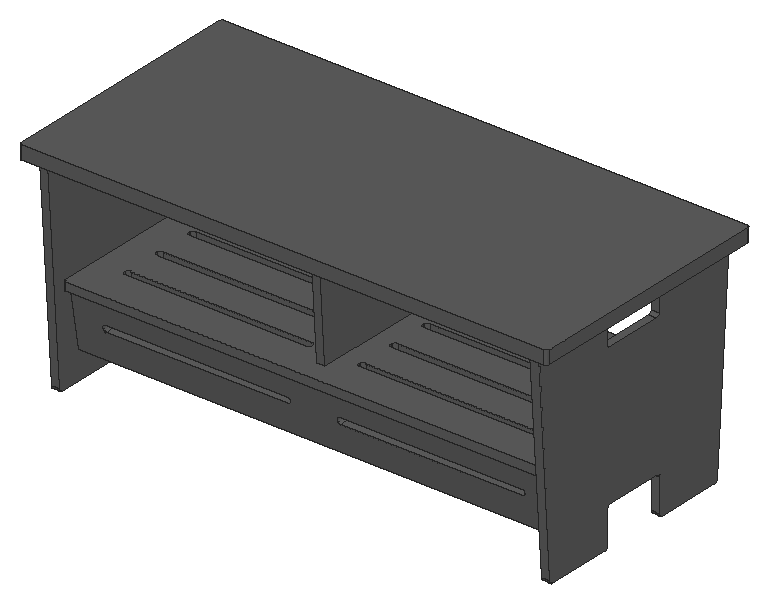
Revit family "Lollygagger Go Coffee Table", category Furniture, Revit 2016
Family settings
  OmniClass Number = 23.40.20.00
  OmniClass Title = General Furniture and Specialties
  Work Plane-Based = No
  Always vertical = Yes
  Cut with Voids When Loaded = No
  Shared = No
  Room Calculation Point = No
Parameters (values of type "Loll-Black")
  Width = 1' - 7 1/4"  # constant formula
  URL = "https://lolldesigns.com/"
  Type Image = go_coffee table.jpg
  Thick = 0' - 1"  # constant formula
  Model = ""
  Manufacturer = "Loll"  # constant formula
  Length = 3' - 4"  # constant formula
  Height Top = 1' - 5"  # constant formula
  Finish Material = Loll-Black
  Apron = 1' - 1"  # constant formula
Types (11): name | Finish Material
  Loll-Black | Loll-Black
  Loll-Sunset | Loll-Sunset
  Loll-Chocolate | Loll-Chocolate
  Loll-Sky | Loll-Sky
  Loll-Apple | Loll-Apple
  Loll-Leaf | Loll-Leaf
  Loll-Evergreen | Loll-Evergreen
  Loll-Charcoal | Loll-Charcoal
  Loll-Sand | Loll-Sand
  Loll-Navy Blue | Loll-Navy Blue
  Loll-White | Loll-White
Reference planes (in)
  plane 1 "Center Front/Back": y = 0
  plane 2: z = 0
  plane 3 "Center Left/Right": x = 0
  plane 4: z = 17
  plane 5: z = 16
  plane 6: y = 9.625
  plane 7: y = -9.625
  plane 8: z = 3
  plane 9: x = -20
  plane 10: x = 20
  plane 11: y = 7.625
  plane 12: y = -7.625
  plane 13: x = -15.5
  plane 14: x = 15.5
  plane 15: x = 18.875
  plane 16: x = 18.25
  plane 17: x = -18.875
  plane 18: x = -18.25
  plane 19: z = 7.49938
  plane 20: z = 6.84438
Forms (in)
  Extrusion 1, solid, material "Loll-Black" <- "Finish Material"
    sketch origin (8.0625, 0.28155, 0) x (1, 0, 0) y (0, 1, 0)
      loop
        arc (-27.8133, 9.34345) -> (-27.98951, 9.27046) -> (-28.0625, 9.09425) r 0.2492
        line (-28.0625, 9.09425) -> (-28.0625, -9.65928)
        arc (-28.0625, -9.65928) -> (-27.99008, -9.83412) -> (-27.81523, -9.90655) r 0.24727
        line (-27.81523, -9.90655) -> (11.69023, -9.90655)
        arc (11.69023, -9.90655) -> (11.86508, -9.83412) -> (11.9375, -9.65928) r 0.24727
        line (11.9375, -9.65928) -> (11.9375, 9.09425)
        arc (11.9375, 9.09425) -> (11.86451, 9.27046) -> (11.6883, 9.34345) r 0.2492
        line (11.6883, 9.34345) -> (-27.8133, 9.34345)
    from 16 to 17
  Extrusion 2, solid, material "Loll-Black" <- "Finish Material"
    sketch origin (0, 0, 0) x (0, 1, 0) y (0, 0, 1)
      loop
        arc (2.24379, 3) -> (2.42496, 2.92496) -> (2.5, 2.74379) r 0.25621
        line (2.5, 2.74379) -> (2.5, 0.25097)
        arc (2.5, 0.25097) -> (2.57351, 0.07351) -> (2.75097, 0) r 0.25097
        line (2.75097, 0) -> (7.64804, 0)
        arc (7.64804, 0) -> (7.81854, 0.06716) -> (7.89743, 0.23256) r 0.25
        line (7.89743, 0.23256) -> (9, 16) -> (2.5, 16) -> (2.5, 13.875)
        arc (2.5, 13.875) -> (2.42678, 13.69822) -> (2.25, 13.625) r 0.25
        line (2.25, 13.625) -> (-2.25, 13.625)
        arc (-2.25, 13.625) -> (-2.42678, 13.69822) -> (-2.5, 13.875) r 0.25
        line (-2.5, 13.875) -> (-2.5, 16) -> (-9, 16) -> (-7.89743, 0.23256)
        arc (-7.89743, 0.23256) -> (-7.81854, 0.06716) -> (-7.64804, 0) r 0.25
        line (-7.64804, 0) -> (-2.74822, 0)
        arc (-2.74822, 0) -> (-2.5727, 0.0727) -> (-2.5, 0.24822) r 0.24822
        line (-2.5, 0.24822) -> (-2.5, 2.75027)
        arc (-2.5, 2.75027) -> (-2.42686, 2.92686) -> (-2.25027, 3) r 0.24973
        line (-2.25027, 3) -> (2.24379, 3)
    from 18.25 to 18.875
  Extrusion 3, solid, material "Loll-Black" <- "Finish Material"
    sketch origin (-10.5, 0, 0) x (0, 1, 0) y (0, 0, 1)
      loop
        arc (2.25, 3) -> (2.42678, 2.92678) -> (2.5, 2.75) r 0.25
        line (2.5, 2.75) -> (2.5, 0.25)
        arc (2.5, 0.25) -> (2.57322, 0.07322) -> (2.75, 0) r 0.25
        line (2.75, 0) -> (7.64804, 0)
        arc (7.64804, 0) -> (7.81854, 0.06716) -> (7.89743, 0.23256) r 0.25
        line (7.89743, 0.23256) -> (9, 16) -> (2.5, 16) -> (2.5, 13.875)
        arc (2.5, 13.875) -> (2.42678, 13.69822) -> (2.25, 13.625) r 0.25
        line (2.25, 13.625) -> (-2.25, 13.625)
        arc (-2.25, 13.625) -> (-2.42678, 13.69822) -> (-2.5, 13.875) r 0.25
        line (-2.5, 13.875) -> (-2.5, 16) -> (-9, 16) -> (-7.89743, 0.23256)
        arc (-7.89743, 0.23256) -> (-7.81854, 0.06716) -> (-7.64804, 0) r 0.25
        line (-7.64804, 0) -> (-2.75, 0)
        arc (-2.75, 0) -> (-2.57322, 0.07322) -> (-2.5, 0.25) r 0.25
        line (-2.5, 0.25) -> (-2.5, 2.75)
        arc (-2.5, 2.75) -> (-2.42678, 2.92678) -> (-2.25, 3) r 0.25
        line (-2.25, 3) -> (2.25, 3)
    from -8.375 to -7.75
  Extrusion 4, solid, material "Loll-Black" <- "Finish Material"
    sketch origin (-11.5, 5.46875, 16) x (1, 0, 0) y (0, -1, 0)
      loop
        line (-6.18801, 12.21875) -> (-6.75, 12.21875) -> (-6.75, 10.21875) -> (-6.18801, 10.21875)
        arc (-6.18801, 10.21875) -> (-5.18801, 11.21875) -> (-6.18801, 12.21875) r 1
      loop
        circle (-5.81339, 11.21793) r 0.15388
    from 0 to 0.25
  Extrusion 5, solid, material "Loll-Black" <- "Finish Material"
    sketch origin (-18.5625, 0, 0) x (0, 1, 0) y (0, 0, 1)
      loop
        line (6.59375, 16) -> (2.5, 16) -> (2.5, 13.875)
        arc (2.5, 13.875) -> (2.42678, 13.69822) -> (2.25, 13.625) r 0.25
        line (2.25, 13.625) -> (-2.25, 13.625)
        arc (-2.25, 13.625) -> (-2.42678, 13.69822) -> (-2.5, 13.875) r 0.25
        line (-2.5, 13.875) -> (-2.5, 16) -> (-6.595, 16) -> (-6.00058, 7.49938) -> (-3.12563, 7.49938) -> (-3.12563, 6.09375)
        arc (-3.12563, 6.09375) -> (-3.0524, 5.91697) -> (-2.87563, 5.84375) r 0.25
        line (-2.87563, 5.84375) -> (2.87437, 5.84375)
        arc (2.87437, 5.84375) -> (3.05115, 5.91697) -> (3.12437, 6.09375) r 0.25
        line (3.12437, 6.09375) -> (3.12437, 7.49938) -> (5.99933, 7.49938) -> (6.59375, 16)
    from 18.25 to 18.875
  Extrusion 6, solid, material "Loll-Black" <- "Finish Material"
    sketch origin (21.6575, -6.84345, 0) x (1, 0, 0) y (0, 1, 0)
      loop
        arc (-39.6583, 14.46845) -> (-39.83451, 14.39546) -> (-39.9075, 14.21925) r 0.2492
        line (-39.9075, 14.21925) -> (-39.9075, -0.53428)
        arc (-39.9075, -0.53428) -> (-39.83508, -0.70912) -> (-39.66023, -0.78155) r 0.24727
        line (-39.66023, -0.78155) -> (-3.65477, -0.78155)
        arc (-3.65477, -0.78155) -> (-3.47992, -0.70912) -> (-3.4075, -0.53428) r 0.24727
        line (-3.4075, -0.53428) -> (-3.4075, 14.21925)
        arc (-3.4075, 14.21925) -> (-3.48049, 14.39546) -> (-3.6567, 14.46845) r 0.2492
        line (-3.6567, 14.46845) -> (-39.6583, 14.46845)
      loop
        line (-19.6575, 11.1372) -> (-5.9075, 11.1372)
        arc (-5.9075, 11.1372) -> (-5.73072, 11.21042) -> (-5.6575, 11.3872) r 0.25
        line (-5.6575, 11.3872) -> (-5.6575, 11.4497)
        arc (-5.6575, 11.4497) -> (-5.73072, 11.62648) -> (-5.9075, 11.6997) r 0.25
        line (-5.9075, 11.6997) -> (-19.6575, 11.6997)
        arc (-19.6575, 11.6997) -> (-19.83428, 11.62648) -> (-19.9075, 11.4497) r 0.25
        line (-19.9075, 11.4497) -> (-19.9075, 11.3872)
        arc (-19.9075, 11.3872) -> (-19.83428, 11.21042) -> (-19.6575, 11.1372) r 0.25
      loop
        line (-19.6575, 8.0872) -> (-5.9075, 8.0872)
        arc (-5.9075, 8.0872) -> (-5.73072, 8.16042) -> (-5.6575, 8.3372) r 0.25
        line (-5.6575, 8.3372) -> (-5.6575, 8.3997)
        arc (-5.6575, 8.3997) -> (-5.73072, 8.57648) -> (-5.9075, 8.6497) r 0.25
        line (-5.9075, 8.6497) -> (-19.6575, 8.6497)
        arc (-19.6575, 8.6497) -> (-19.83428, 8.57648) -> (-19.9075, 8.3997) r 0.25
        line (-19.9075, 8.3997) -> (-19.9075, 8.3372)
        arc (-19.9075, 8.3372) -> (-19.83428, 8.16042) -> (-19.6575, 8.0872) r 0.25
      loop
        line (-19.6575, 5.0372) -> (-5.9075, 5.0372)
        arc (-5.9075, 5.0372) -> (-5.73072, 5.11042) -> (-5.6575, 5.2872) r 0.25
        line (-5.6575, 5.2872) -> (-5.6575, 5.3497)
        arc (-5.6575, 5.3497) -> (-5.73072, 5.52648) -> (-5.9075, 5.5997) r 0.25
        line (-5.9075, 5.5997) -> (-19.6575, 5.5997)
        arc (-19.6575, 5.5997) -> (-19.83428, 5.52648) -> (-19.9075, 5.3497) r 0.25
        line (-19.9075, 5.3497) -> (-19.9075, 5.2872)
        arc (-19.9075, 5.2872) -> (-19.83428, 5.11042) -> (-19.6575, 5.0372) r 0.25
      loop
        line (-19.6575, 1.9872) -> (-5.9075, 1.9872)
        arc (-5.9075, 1.9872) -> (-5.73072, 2.06042) -> (-5.6575, 2.2372) r 0.25
        line (-5.6575, 2.2372) -> (-5.6575, 2.2997)
        arc (-5.6575, 2.2997) -> (-5.73072, 2.47648) -> (-5.9075, 2.5497) r 0.25
        line (-5.9075, 2.5497) -> (-19.6575, 2.5497)
        arc (-19.6575, 2.5497) -> (-19.83428, 2.47648) -> (-19.9075, 2.2997) r 0.25
        line (-19.9075, 2.2997) -> (-19.9075, 2.2372)
        arc (-19.9075, 2.2372) -> (-19.83428, 2.06042) -> (-19.6575, 1.9872) r 0.25
      loop
        arc (-23.6575, 11.1372) -> (-23.48072, 11.21042) -> (-23.4075, 11.3872) r 0.25
        line (-23.4075, 11.3872) -> (-23.4075, 11.4497)
        arc (-23.4075, 11.4497) -> (-23.48072, 11.62648) -> (-23.6575, 11.6997) r 0.25
        line (-23.6575, 11.6997) -> (-37.4075, 11.6997)
        arc (-37.4075, 11.6997) -> (-37.58428, 11.62648) -> (-37.6575, 11.4497) r 0.25
        line (-37.6575, 11.4497) -> (-37.6575, 11.3872)
        arc (-37.6575, 11.3872) -> (-37.58428, 11.21042) -> (-37.4075, 11.1372) r 0.25
        line (-37.4075, 11.1372) -> (-23.6575, 11.1372)
      loop
        arc (-23.6575, 8.0872) -> (-23.48072, 8.16042) -> (-23.4075, 8.3372) r 0.25
        line (-23.4075, 8.3372) -> (-23.4075, 8.3997)
        arc (-23.4075, 8.3997) -> (-23.48072, 8.57648) -> (-23.6575, 8.6497) r 0.25
        line (-23.6575, 8.6497) -> (-37.4075, 8.6497)
        arc (-37.4075, 8.6497) -> (-37.58428, 8.57648) -> (-37.6575, 8.3997) r 0.25
        line (-37.6575, 8.3997) -> (-37.6575, 8.3372)
        arc (-37.6575, 8.3372) -> (-37.58428, 8.16042) -> (-37.4075, 8.0872) r 0.25
        line (-37.4075, 8.0872) -> (-23.6575, 8.0872)
      loop
        arc (-23.6575, 5.0372) -> (-23.48072, 5.11042) -> (-23.4075, 5.2872) r 0.25
        line (-23.4075, 5.2872) -> (-23.4075, 5.3497)
        arc (-23.4075, 5.3497) -> (-23.48072, 5.52648) -> (-23.6575, 5.5997) r 0.25
        line (-23.6575, 5.5997) -> (-37.4075, 5.5997)
        arc (-37.4075, 5.5997) -> (-37.58428, 5.52648) -> (-37.6575, 5.3497) r 0.25
        line (-37.6575, 5.3497) -> (-37.6575, 5.2872)
        arc (-37.6575, 5.2872) -> (-37.58428, 5.11042) -> (-37.4075, 5.0372) r 0.25
        line (-37.4075, 5.0372) -> (-23.6575, 5.0372)
      loop
        arc (-23.6575, 1.9872) -> (-23.48072, 2.06042) -> (-23.4075, 2.2372) r 0.25
        line (-23.4075, 2.2372) -> (-23.4075, 2.2997)
        arc (-23.4075, 2.2997) -> (-23.48072, 2.47648) -> (-23.6575, 2.5497) r 0.25
        line (-23.6575, 2.5497) -> (-37.4075, 2.5497)
        arc (-37.4075, 2.5497) -> (-37.58428, 2.47648) -> (-37.6575, 2.2997) r 0.25
        line (-37.6575, 2.2997) -> (-37.6575, 2.2372)
        arc (-37.6575, 2.2372) -> (-37.58428, 2.06042) -> (-37.4075, 1.9872) r 0.25
        line (-37.4075, 1.9872) -> (-23.6575, 1.9872)
      loop
        line (-21.97, 9.34345) -> (-21.97, 4.34345) -> (-21.345, 4.34345) -> (-21.345, 9.34345) -> (-21.97, 9.34345)
    from 6.84438 to 7.49938
  Extrusion 7, solid, material "Loll-Black" <- "Finish Material"
    sketch origin (-11.5, -5.46875, 16) x (-1, 0, 0) y (0, 1, 0)
      loop
        arc (6.18801, 12.21875) -> (5.18801, 11.21875) -> (6.18801, 10.21875) r 1
        line (6.18801, 10.21875) -> (6.75, 10.21875) -> (6.75, 12.21875) -> (6.18801, 12.21875)
      loop
        circle (5.81339, 11.21793) r 0.15388
    from 0 to 0.25
  Extrusion 8, solid, material "Loll-Black" <- "Finish Material"
    sketch origin (11.5, 5.46875, 16) x (1, 0, 0) y (0, -1, 0)
      loop
        arc (6.18801, 12.21875) -> (5.18801, 11.21875) -> (6.18801, 10.21875) r 1
        line (6.18801, 10.21875) -> (6.75, 10.21875) -> (6.75, 12.21875) -> (6.18801, 12.21875)
      loop
        circle (5.81153, 11.22058) r 0.15388
    from 0 to 0.25
  Extrusion 9, solid, material "Loll-Black" <- "Finish Material"
    sketch origin (11.5, -5.46875, 16) x (-1, 0, 0) y (0, 1, 0)
      loop
        line (-6.18801, 12.21875) -> (-6.75, 12.21875) -> (-6.75, 10.21875) -> (-6.18801, 10.21875)
        arc (-6.18801, 10.21875) -> (-5.18801, 11.21875) -> (-6.18801, 12.21875) r 1
      loop
        circle (-5.81339, 11.21793) r 0.15388
    from 0 to 0.25
  Extrusion 10, solid, material "Loll-Black" <- "Finish Material"
    sketch origin (6.58052, 7.21875, 16) x (1, 0, 0) y (0, -1, 0)
      loop
        line (-6.0853, 13.14094) -> (-7.07575, 13.14094)
        arc (-7.07575, 13.14094) -> (-7.69784, 12.88326) -> (-7.95552, 12.26116) r 0.87978
        line (-7.95552, 12.26116) -> (-7.95552, 11.26799)
        arc (-7.95552, 11.26799) -> (-7.69864, 10.64782) -> (-7.07847, 10.39094) r 0.87705
        line (-7.07847, 10.39094) -> (-6.08257, 10.39094)
        arc (-6.08257, 10.39094) -> (-5.4624, 10.64782) -> (-5.20552, 11.26799) r 0.87705
        line (-5.20552, 11.26799) -> (-5.20552, 12.26116)
        arc (-5.20552, 12.26116) -> (-5.4632, 12.88326) -> (-6.0853, 13.14094) r 0.87978
      loop
        circle (-5.70547, 11.76224) r 0.15388
      loop
        circle (-7.45558, 11.76224) r 0.15388
    from 0 to 0.1875
  Extrusion 11, solid, material "Loll-Black" <- "Finish Material"
    sketch origin (6.58052, -7.21875, 16) x (-1, 0, 0) y (0, 1, 0)
      loop
        arc (6.0853, 13.14094) -> (5.4632, 12.88326) -> (5.20552, 12.26116) r 0.87978
        line (5.20552, 12.26116) -> (5.20552, 11.26799)
        arc (5.20552, 11.26799) -> (5.4624, 10.64782) -> (6.08257, 10.39094) r 0.87705
        line (6.08257, 10.39094) -> (7.07847, 10.39094)
        arc (7.07847, 10.39094) -> (7.69864, 10.64782) -> (7.95552, 11.26799) r 0.87705
        line (7.95552, 11.26799) -> (7.95552, 12.26116)
        arc (7.95552, 12.26116) -> (7.69784, 12.88326) -> (7.07575, 13.14094) r 0.87978
        line (7.07575, 13.14094) -> (6.0853, 13.14094)
      loop
        circle (5.70547, 11.76224) r 0.15388
      loop
        circle (7.45558, 11.76224) r 0.15388
    from 0 to 0.1875
  Extrusion 12, solid, material "Loll-Black" <- "Finish Material"
    sketch origin (6.58052, -11.76594, 16) x (-1, 0, 0) y (0, 1, 0)
      loop
        arc (6.0853, 13.14094) -> (5.4632, 12.88326) -> (5.20552, 12.26116) r 0.87978
        line (5.20552, 12.26116) -> (5.20552, 11.26799)
        arc (5.20552, 11.26799) -> (5.4624, 10.64782) -> (6.08257, 10.39094) r 0.87705
        line (6.08257, 10.39094) -> (7.07847, 10.39094)
        arc (7.07847, 10.39094) -> (7.69864, 10.64782) -> (7.95552, 11.26799) r 0.87705
        line (7.95552, 11.26799) -> (7.95552, 12.26116)
        arc (7.95552, 12.26116) -> (7.69784, 12.88326) -> (7.07575, 13.14094) r 0.87978
        line (7.07575, 13.14094) -> (6.0853, 13.14094)
      loop
        circle (5.70547, 11.76224) r 0.15388
      loop
        circle (7.45558, 11.76224) r 0.15388
    from 9.15562 to 9.76562
  Extrusion 13, solid, material "Loll-Black" <- "Finish Material"
    sketch origin (-11.26615, -0.1335, 15.25) x (0, 1, 0) y (1, 0, 0)
      loop
        arc (5.87426, 12.2711) -> (4.87426, 11.2711) -> (5.87426, 10.2711) r 1
        line (5.87426, 10.2711) -> (6.40266, 10.2711) -> (6.40266, 12.2711) -> (5.87426, 12.2711)
      loop
        circle (5.50116, 11.2676) r 0.15388
    from 8.40562 to 9.01562
  Extrusion 14, solid, material "Loll-Black" <- "Finish Material"
    sketch origin (-11.26615, 0.1335, 15.25) x (0, 1, 0) y (1, 0, 0)
      loop
        line (-5.87426, 12.2711) -> (-6.40266, 12.2711) -> (-6.40266, 10.2711) -> (-5.87426, 10.2711)
        arc (-5.87426, 10.2711) -> (-4.87426, 11.2711) -> (-5.87426, 12.2711) r 1
      loop
        circle (-5.50116, 11.2676) r 0.15388
    from 8.40562 to 9.01562
  Extrusion 15, solid, material "Loll-Black" <- "Finish Material"
    sketch origin (0, -6.00968, 4.73437) x (0, 0.173648, -0.984808) y (-1, 0, 0)
      loop
        line (2.4375, 18.25) -> (-2.25071, 18.25) -> (-2.25071, -18.25) -> (2.4375, -18.25) -> (2.4375, 18.25)
      loop
        spline (0.28125, 15.77054) -> (0.27167, 15.82818) -> (0.24357, 15.8819) -> (0.19887, 15.92802) -> (0.14063, 15.96341) -> (0.07279, 15.98566) -> (0, 15.99325) -> (-0.07279, 15.98566) -> (-0.14062, 15.96341) -> (-0.19887, 15.92802) -> (-0.24357, 15.8819) -> (-0.27167, 15.82818) -> (-0.28125, 15.77054)
        line (-0.28125, 15.77054) -> (-0.28125, 1.97693)
        spline (-0.28125, 1.97693) -> (-0.27167, 1.91929) -> (-0.24357, 1.86557) -> (-0.19887, 1.81945) -> (-0.14062, 1.78406) -> (-0.07279, 1.76181) -> (0, 1.75422) -> (0.07279, 1.76181) -> (0.14063, 1.78406) -> (0.19887, 1.81945) -> (0.24357, 1.86557) -> (0.27167, 1.91929) -> (0.28125, 1.97693)
        line (0.28125, 1.97693) -> (0.28125, 15.77054)
      loop
        spline (0.28125, -1.97693) -> (0.27167, -1.91929) -> (0.24357, -1.86557) -> (0.19887, -1.81945) -> (0.14063, -1.78406) -> (0.07279, -1.76181) -> (0, -1.75422) -> (-0.07279, -1.76181) -> (-0.14062, -1.78406) -> (-0.19887, -1.81945) -> (-0.24357, -1.86557) -> (-0.27167, -1.91929) -> (-0.28125, -1.97693)
        line (-0.28125, -1.97693) -> (-0.28125, -15.77054)
        spline (-0.28125, -15.77054) -> (-0.27167, -15.82818) -> (-0.24357, -15.8819) -> (-0.19887, -15.92802) -> (-0.14062, -15.96341) -> (-0.07279, -15.98566) -> (0, -15.99325) -> (0.07279, -15.98566) -> (0.14063, -15.96341) -> (0.19887, -15.92802) -> (0.24357, -15.8819) -> (0.27167, -15.82818) -> (0.28125, -15.77054)
        line (0.28125, -15.77054) -> (0.28125, -1.97693)
    from 0 to -0.625
  Extrusion 16, solid, material "Loll-Black" <- "Finish Material"
    sketch origin (0, 6.00968, 4.73437) x (0, -0.173648, -0.984808) y (1, 0, 0)
      loop
        line (2.4375, -18.25) -> (2.4375, 18.25) -> (-2.25071, 18.25) -> (-2.25071, -18.25) -> (2.4375, -18.25)
      loop
        line (0.28125, -15.77054) -> (0.28125, -1.97693)
        spline (0.28125, -1.97693) -> (0.27167, -1.91929) -> (0.24357, -1.86557) -> (0.19887, -1.81945) -> (0.14063, -1.78406) -> (0.07279, -1.76181) -> (0, -1.75422) -> (-0.07279, -1.76181) -> (-0.14062, -1.78406) -> (-0.19887, -1.81945) -> (-0.24357, -1.86557) -> (-0.27167, -1.91929) -> (-0.28125, -1.97693)
        line (-0.28125, -1.97693) -> (-0.28125, -15.77054)
        spline (-0.28125, -15.77054) -> (-0.27167, -15.82818) -> (-0.24357, -15.8819) -> (-0.19887, -15.92802) -> (-0.14062, -15.96341) -> (-0.07279, -15.98566) -> (0, -15.99325) -> (0.07279, -15.98566) -> (0.14063, -15.96341) -> (0.19887, -15.92802) -> (0.24357, -15.8819) -> (0.27167, -15.82818) -> (0.28125, -15.77054)
      loop
        line (0.28125, 1.97693) -> (0.28125, 15.77054)
        spline (0.28125, 15.77054) -> (0.27167, 15.82818) -> (0.24357, 15.8819) -> (0.19887, 15.92802) -> (0.14063, 15.96341) -> (0.07279, 15.98566) -> (0, 15.99325) -> (-0.07279, 15.98566) -> (-0.14062, 15.96341) -> (-0.19887, 15.92802) -> (-0.24357, 15.8819) -> (-0.27167, 15.82818) -> (-0.28125, 15.77054)
        line (-0.28125, 15.77054) -> (-0.28125, 1.97693)
        spline (-0.28125, 1.97693) -> (-0.27167, 1.91929) -> (-0.24357, 1.86557) -> (-0.19887, 1.81945) -> (-0.14062, 1.78406) -> (-0.07279, 1.76181) -> (0, 1.75422) -> (0.07279, 1.76181) -> (0.14063, 1.78406) -> (0.19887, 1.81945) -> (0.24357, 1.86557) -> (0.27167, 1.91929) -> (0.28125, 1.97693)
    from 0 to -0.625
  Extrusion 17, solid, material "Loll-Black" <- "Finish Material"
    sketch origin (-18.25, 0, 0) x (0, 1, 0) y (0, 0, 1)
      loop
        line (-0.99926, 6.84438) -> (-0.99926, 6.29567)
        arc (-0.99926, 6.29567) -> (0.00074, 5.29567) -> (1.00074, 6.29567) r 1
        line (1.00074, 6.29567) -> (1.00074, 6.84438) -> (-0.99926, 6.84438)
      loop
        circle (0, 5.92249) r 0.15567
    from 0 to 0.625
  Extrusion 18, solid, material "Loll-Black" <- "Finish Material"
    sketch origin (-18.25, -0.73058, 5.92362) x (0, -0.173648, -0.984808) y (0, 0.984808, -0.173648)
      loop
        line (-0.99926, 6.84438) -> (-0.99926, 6.29567)
        arc (-0.99926, 6.29567) -> (0.00074, 5.29567) -> (1.00074, 6.29567) r 1
        line (1.00074, 6.29567) -> (1.00074, 6.84438) -> (-0.99926, 6.84438)
      loop
        circle (0, 5.92249) r 0.15567
    from 0 to 0.625
  Extrusion 19, solid, material "Loll-Black" <- "Finish Material"
    sketch origin (-18.25, 0.73058, 5.92362) x (0, 0.173648, -0.984808) y (0, 0.984808, 0.173648)
      loop
        line (-0.99926, -6.84438) -> (1.00074, -6.84438) -> (1.00074, -6.29567)
        arc (1.00074, -6.29567) -> (0.00074, -5.29567) -> (-0.99926, -6.29567) r 1
        line (-0.99926, -6.29567) -> (-0.99926, -6.84438)
      loop
        circle (0, -5.92249) r 0.15567
    from 0 to 0.625
  Extrusion 20, solid, material "Loll-Black" <- "Finish Material"
    sketch origin (18.25, 0, 0) x (0, 1, 0) y (0, 0, -1)
      loop
        line (-0.99926, -6.84438) -> (1.00074, -6.84438) -> (1.00074, -6.29567)
        arc (1.00074, -6.29567) -> (0.00074, -5.29567) -> (-0.99926, -6.29567) r 1
        line (-0.99926, -6.29567) -> (-0.99926, -6.84438)
      loop
        circle (0, -5.92249) r 0.15567
    from 0 to 0.625
  Extrusion 21, solid, material "Loll-Black" <- "Finish Material"
    sketch origin (18.25, -0.73058, 5.92362) x (0, -0.173648, -0.984808) y (0, -0.984808, 0.173648)
      loop
        line (-0.99926, -6.84438) -> (1.00074, -6.84438) -> (1.00074, -6.29567)
        arc (1.00074, -6.29567) -> (0.00074, -5.29567) -> (-0.99926, -6.29567) r 1
        line (-0.99926, -6.29567) -> (-0.99926, -6.84438)
      loop
        circle (0, -5.92249) r 0.15567
    from 0 to 0.625
  Extrusion 22, solid, material "Loll-Black" <- "Finish Material"
    sketch origin (18.25, 0.73058, 5.92362) x (0, 0.173648, -0.984808) y (0, -0.984808, -0.173648)
      loop
        line (-0.99926, 6.84438) -> (-0.99926, 6.29567)
        arc (-0.99926, 6.29567) -> (0.00074, 5.29567) -> (1.00074, 6.29567) r 1
        line (1.00074, 6.29567) -> (1.00074, 6.84438) -> (-0.99926, 6.84438)
      loop
        circle (0, 5.92249) r 0.15567
    from 0 to 0.625
Lines and regions (in)
  Masking region 1
    outline origin (0, 0, 0) x (1, 0, 0) y (0, 0, 1)
      loop
        line (20, 17) -> (-20, 17) -> (-20, 16) -> (20, 16) -> (20, 17)
      loop
        line (-18.25, 6.84438) -> (18.25, 6.84438) -> (18.25, 7.49937) -> (-18.25, 7.49937) -> (-18.25, 6.84438)
  Masking region 2
    outline origin (0, 0, 0) x (0, 1, 0) y (0, 0, 1)
      loop
        line (9.625, 17) -> (-9.625, 17) -> (-9.625, 16) -> (9.625, 16) -> (9.625, 17)
  Masking region 3
    outline origin (0, 0, 0) x (0, 1, 0) y (0, 0, 1)
      loop
        line (-7.64804, 0) -> (-2.75, 0)
        arc (-2.75, 0) -> (-2.57322, 0.07322) -> (-2.5, 0.25) r 0.25
        line (-2.5, 0.25) -> (-2.5, 2.75)
        arc (-2.5, 2.75) -> (-2.42678, 2.92678) -> (-2.25, 3) r 0.25
        line (-2.25, 3) -> (2.25, 3)
        arc (2.25, 3) -> (2.42678, 2.92678) -> (2.5, 2.75) r 0.25
        line (2.5, 2.75) -> (2.5, 0.25)
        arc (2.5, 0.25) -> (2.57322, 0.07322) -> (2.75, 0) r 0.25
        line (2.75, 0) -> (7.64804, 0)
        arc (7.64804, 0) -> (7.81854, 0.06716) -> (7.89743, 0.23256) r 0.25
        line (7.89743, 0.23256) -> (9, 16) -> (2.5, 16) -> (2.5, 13.875)
        arc (2.5, 13.875) -> (2.42678, 13.69822) -> (2.25, 13.625) r 0.25
        line (2.25, 13.625) -> (-2.25, 13.625)
        arc (-2.25, 13.625) -> (-2.42678, 13.69822) -> (-2.5, 13.875) r 0.25
        line (-2.5, 13.875) -> (-2.5, 16) -> (-9, 16) -> (-7.89743, 0.23256)
        arc (-7.89743, 0.23256) -> (-7.81854, 0.06716) -> (-7.64804, 0) r 0.25
  Masking region 4
    outline origin (0, 0, 0) x (1, 0, 0) y (0, 1, 0)
      loop
        arc (20, 9.3758) -> (19.92701, 9.55201) -> (19.7508, 9.625) r 0.2492
        line (19.7508, 9.625) -> (-19.7508, 9.625)
        arc (-19.7508, 9.625) -> (-19.92701, 9.55201) -> (-20, 9.3758) r 0.2492
        line (-20, 9.3758) -> (-20, -9.37773)
        arc (-20, -9.37773) -> (-19.92758, -9.55258) -> (-19.75273, -9.625) r 0.24727
        line (-19.75273, -9.625) -> (19.75273, -9.625)
        arc (19.75273, -9.625) -> (19.92758, -9.55258) -> (20, -9.37773) r 0.24727
        line (20, -9.37773) -> (20, 9.3758)
  Masking region 5
    outline origin (0, 0, 0) x (1, 0, 0) y (0, 0, 1)
      loop
        line (16.68801, 16) -> (16.68801, 15.75) -> (18.25, 15.75) -> (18.25, 0) -> (18.875, 0) -> (18.875, 16) -> (16.68801, 16)
      loop
        line (-16.68801, 16) -> (-18.875, 16) -> (-18.875, 0) -> (-18.25, 0) -> (-18.25, 15.75) -> (-16.68801, 15.75) -> (-16.68801, 16)
      loop
        line (-0.3125, 15.8125) -> (-0.3125, 16) -> (-1.3761, 16) -> (-1.3761, 15.8125) -> (-0.3125, 15.8125)
      loop
        line (0.3125, 15.8125) -> (1.3761, 15.8125) -> (1.3761, 16) -> (0.3125, 16) -> (0.3125, 15.8125)
  Masking region 6
    outline origin (0, 0, 0) x (1, 0, 0) y (0, 0, 1)
      loop
        line (-0.3125, 7.49937) -> (0.3125, 7.49937) -> (0.3125, 16) -> (-0.3125, 16) -> (-0.3125, 7.49937)
      loop
        line (-18.25, 2.22537) -> (18.25, 2.22537) -> (18.25, 6.84438) -> (-18.25, 6.84438) -> (-18.25, 2.22537)
      loop
        line (-1.97693, 4.90282) -> (-15.77054, 4.90282)
        arc (-15.77054, 4.90282) -> (-15.99325, 4.68011) -> (-15.77054, 4.4574) r 0.22271
        line (-15.77054, 4.4574) -> (-1.97693, 4.4574)
        arc (-1.97693, 4.4574) -> (-1.75422, 4.68011) -> (-1.97693, 4.90282) r 0.22271
      loop
        arc (1.97693, 4.90282) -> (1.75422, 4.68011) -> (1.97693, 4.4574) r 0.22271
        line (1.97693, 4.4574) -> (15.77054, 4.4574)
        arc (15.77054, 4.4574) -> (15.99325, 4.68011) -> (15.77054, 4.90282) r 0.22271
        line (15.77054, 4.90282) -> (1.97693, 4.90282)
  symbolic lines
    curve 1: line (0, 7.625, 16) -> (0, -7.625, 16)
Dimensions and locks (in)
  "Height Top": plane 4 to level
  "Thick": plane 4 to plane 5
  "Width": plane 6 to plane 7
  equal spacing: plane 7, plane 1 "Center Front/Back", plane 6
  "Apron": plane 8 to plane 5
  plane 7 to plane 12 = 0' - 2"
  plane 11 to plane 6 = 0' - 2"
  equal spacing: plane 9, plane 3 "Center Left/Right", plane 10
  "Length": plane 9 to plane 10
  locked: plane 15 to plane 16 at 0.625
  locked: plane 10 to plane 15 at 1.125
  locked: plane 17 to plane 9 at 1.125
  locked: plane 17 to plane 18 at 0.625
  plane 20 to level = 0' - 6.84438"
  plane 19 to plane 20 = 0' - 0.655"
  aligned and locked: level to plane 2
  aligned and locked: Extrusion 1 to plane 7
  aligned and locked: plane 10 to Extrusion 1
  aligned and locked: plane 6 to Extrusion 1
  aligned and locked: plane 8 to Extrusion 2 sketch curve
  aligned and locked: Extrusion 2 sketch curve to plane 5
  aligned and locked: Extrusion 2 to plane 16
  aligned and locked: plane 15 to Extrusion 2
  aligned and locked: Masking region 1 sketch curve to Extrusion 1
  aligned and locked: Masking region 2 sketch curve to Extrusion 1
  aligned and locked: curve 1 to plane 5
  aligned and locked: plane 17 to Extrusion 3
  aligned and locked: Extrusion 3 to plane 18
  aligned and locked: plane 4 to Extrusion 1
  aligned and locked: Extrusion 1 to plane 5
  aligned and locked: Extrusion 3 sketch curve to level  (x2)
  aligned and locked: Extrusion 2 sketch curve to level
  aligned and locked: Masking region 3 sketch curve to plane 8
  aligned and locked: Extrusion 2 sketch curve to Extrusion 3  (x2)
  aligned and locked: plane 18 to Extrusion 4
  aligned and locked: Extrusion 3 to plane 8
  aligned and locked: Masking region 4 sketch curve to plane 10
  aligned and locked: Masking region 4 sketch curve to Extrusion 1  (x2)
  aligned and locked: Masking region 2 to plane 5
  aligned and locked: plane 16 to Masking region 1 sketch curve
  aligned and locked: Extrusion 4 to plane 18
  aligned and locked: Extrusion 6 to plane 20
  aligned and locked: plane 19 to Extrusion 6
  aligned and locked: plane 11 to Extrusion 6
  aligned and locked: plane 12 to Extrusion 6
  aligned and locked: Extrusion 6 to Masking region 1
  aligned and locked: Extrusion 6 to Extrusion 2
  aligned and locked: plane 16 to Extrusion 9
  aligned and locked: plane 16 to Extrusion 8
  aligned and locked: plane 18 to Extrusion 7
  aligned and locked: plane 5 to Masking region 5 sketch curve
  aligned and locked: Masking region 5 sketch curve to Extrusion 9
  aligned and locked: plane 16 to Masking region 5 sketch curve
  aligned and locked: Masking region 5 sketch curve to plane 15
  aligned and locked: Masking region 5 sketch curve to plane 2
  aligned and locked: plane 17 to Masking region 5 sketch curve
  aligned and locked: plane 18 to Masking region 5 sketch curve
  aligned and locked: level to Masking region 5 sketch curve
  aligned and locked: plane 5 to Extrusion 4
  aligned and locked: plane 5 to Extrusion 7
  aligned and locked: plane 5 to Extrusion 10
  aligned and locked: plane 5 to Extrusion 9
  aligned and locked: plane 5 to Extrusion 8
  aligned and locked: plane 5 to Extrusion 11
  aligned and locked: plane 20 to Extrusion 12
  aligned and locked: plane 20 to Extrusion 13
  aligned and locked: plane 20 to Masking region 6 sketch curve
  aligned and locked: plane 16 to Masking region 6 sketch curve
  aligned and locked: plane 18 to Masking region 6 sketch curve
  aligned and locked: Extrusion 15 sketch curve to plane 16
  aligned and locked: Extrusion 15 sketch curve to plane 18
  aligned and locked: Masking region 6 to plane 19
  aligned and locked: plane 16 to Extrusion 16
  aligned and locked: plane 18 to Extrusion 16
  aligned and locked: plane 20 to Extrusion 17
  aligned and locked: plane 18 to Extrusion 17
  aligned and locked: plane 18 to Extrusion 18
  aligned and locked: plane 16 to Extrusion 20
  aligned and locked: plane 16 to Extrusion 22
  aligned and locked: plane 16 to Extrusion 21
  aligned and locked: Extrusion 5 to plane 19  (x2)
  aligned and locked: plane 5 to Extrusion 5  (x2)
  aligned and locked: plane 5 to Extrusion 2
  aligned and locked: plane 5 to Extrusion 3  (x2)
  aligned and locked: plane 2 to Masking region 3  (x2)
  aligned and locked: Masking region 3 to plane 5  (x2)
Automatic sketch dimensions
  curve 1 to plane 12 = 0' - 0"
  curve 1 to plane 11 = 0' - 0"
  Extrusion 1 sketch curve to plane 9 = 0' - 0"
  Extrusion 1 sketch curve to plane 7 = 0' - 0"
  Extrusion 1 sketch curve to plane 6 = 0' - 0"
  Extrusion 1 sketch curve to plane 10 = 0' - 0"
  plane 9 to Extrusion 1 sketch curve = 0' - 0.24727"
  Extrusion 1 sketch curve to Extrusion 1 sketch curve = 0' - 0.2492"
  Extrusion 1 sketch curve to plane 10 = 0' - 0.2492"
  Extrusion 1 sketch curve to plane 10 = 0' - 0.24727"
  plane 5 to Extrusion 2 sketch curve = 0' - 0"
  Extrusion 2 sketch curve to level = 0' - 0"
  Extrusion 2 sketch curve to Extrusion 2 sketch curve = 0' - 0.24822"
  plane 12 to Extrusion 2 sketch curve = 0' - 0.02304"
  Extrusion 2 sketch curve to Extrusion 2 sketch curve = 0' - 0.24939"  (x2)
  plane 7 to Extrusion 2 sketch curve = 0' - 0 5/8"
  plane 1 "Center Front/Back" to Extrusion 2 sketch curve = 0' - 2 1/2"
  Extrusion 2 sketch curve to Extrusion 2 sketch curve = 0' - 0.24973"
  Extrusion 2 sketch curve to Extrusion 2 sketch curve = 0' - 0 1/4"  (x2)
  Extrusion 2 sketch curve to plane 8 = 0' - 0.25621"
  Extrusion 2 sketch curve to plane 1 "Center Front/Back" = 0' - 2 1/4"
  Extrusion 2 sketch curve to Extrusion 2 sketch curve = 0' - 0.25097"
  plane 11 to Extrusion 2 sketch curve = 0' - 0.02304"
  Extrusion 2 sketch curve to plane 6 = 0' - 0 5/8"
  level to Extrusion 2 sketch curve = 0' - 0.23256"  (x2)
  Extrusion 2 sketch curve to plane 5 = 0' - 2 3/8"
  Masking region 1 sketch curve to plane 5 = 0' - 0"
  Masking region 1 sketch curve to plane 9 = 0' - 0"
  plane 18 to Masking region 1 sketch curve = 0' - 0"
  Masking region 1 sketch curve to plane 20 = 0' - 0"
  Masking region 1 sketch curve to plane 19 = 0' - 0"
  Masking region 1 sketch curve to plane 4 = 0' - 0"
  Masking region 2 sketch curve to plane 4 = 0' - 0"
  Masking region 2 sketch curve to plane 7 = 0' - 0"
  Masking region 2 sketch curve to plane 5 = 0' - 0"
  plane 5 to Extrusion 3 sketch curve = 0' - 0"  (x2)
  Extrusion 3 sketch curve to plane 8 = 0' - 0"
  plane 7 to Extrusion 3 sketch curve = 0' - 0 5/8"
  plane 12 to Extrusion 3 sketch curve = 0' - 0.27243"
  plane 12 to Extrusion 3 sketch curve = 0' - 0.02304"
  level to Extrusion 3 sketch curve = 0' - 0 1/4"
  plane 1 "Center Front/Back" to Extrusion 3 sketch curve = 0' - 2 3/4"
  plane 1 "Center Front/Back" to Extrusion 3 sketch curve = 0' - 2 1/2"
  Extrusion 3 sketch curve to Extrusion 3 sketch curve = 0' - 0 1/4"  (x4)
  Extrusion 3 sketch curve to plane 8 = 0' - 0 1/4"
  Extrusion 3 sketch curve to plane 1 "Center Front/Back" = 0' - 2 1/4"  (x2)
  plane 11 to Extrusion 3 sketch curve = 0' - 0.02304"
  Extrusion 3 sketch curve to Extrusion 3 sketch curve = 0' - 0.24939"
  Extrusion 3 sketch curve to plane 6 = 0' - 0 5/8"
  level to Extrusion 3 sketch curve = 0' - 0.23256"  (x2)
  Extrusion 3 sketch curve to plane 5 = 0' - 2 3/8"
  plane 5 to Masking region 3 sketch curve = 0' - 0"  (x2)
  Masking region 3 sketch curve to level = 0' - 0"  (x2)
  plane 7 to Masking region 3 sketch curve = 0' - 0 5/8"
  plane 12 to Masking region 3 sketch curve = 0' - 0.27243"
  plane 12 to Masking region 3 sketch curve = 0' - 0.02304"
  plane 1 "Center Front/Back" to Masking region 3 sketch curve = 0' - 2 3/4"
  plane 1 "Center Front/Back" to Masking region 3 sketch curve = 0' - 2 1/2"
  Masking region 3 sketch curve to Masking region 3 sketch curve = 0' - 0 1/4"  (x3)
  Masking region 3 sketch curve to plane 8 = 0' - 0 1/4"  (x2)
  Masking region 3 sketch curve to plane 1 "Center Front/Back" = 0' - 2 1/4"  (x2)
  level to Masking region 3 sketch curve = 0' - 0 1/4"
  plane 11 to Masking region 3 sketch curve = 0' - 0.02304"
  Masking region 3 sketch curve to Masking region 3 sketch curve = 0' - 0.24939"
  Masking region 3 sketch curve to plane 6 = 0' - 0 5/8"
  level to Masking region 3 sketch curve = 0' - 0.23256"  (x2)
  Masking region 3 sketch curve to plane 5 = 0' - 2 3/8"
  Extrusion 4 sketch curve to plane 18 = 0' - 0"
  Extrusion 4 sketch curve to Extrusion 4 sketch curve = 0' - 0.56199"
  Extrusion 4 sketch curve to Extrusion 4 sketch curve = 0' - 0.37463"
  Extrusion 4 sketch curve to plane 12 = 0' - 0 7/8"
  Extrusion 4 sketch curve to Extrusion 4 sketch curve = 0' - 1"
  Extrusion 4 sketch curve to Extrusion 4 sketch curve = 0' - 0.00082"
  Masking region 4 sketch curve to plane 10 = 0' - 0.2492"
  Masking region 4 sketch curve to Masking region 4 sketch curve = 0' - 0.24727"
  Extrusion 5 sketch curve to plane 5 = 0' - 0"  (x2)
  Extrusion 5 sketch curve to plane 12 = 0' - 1.03"
  plane 19 to Extrusion 5 sketch curve = 0' - 0"  (x2)
  Extrusion 5 sketch curve to plane 12 = 0' - 1.62442"
  Extrusion 5 sketch curve to Extrusion 5 sketch curve = 0' - 2.87496"
  Extrusion 5 sketch curve to Extrusion 5 sketch curve = 0' - 0 1/4"  (x4)
  plane 1 "Center Front/Back" to Extrusion 5 sketch curve = 0' - 2 1/2"
  Extrusion 5 sketch curve to plane 1 "Center Front/Back" = 0' - 2 1/4"
  Extrusion 5 sketch curve to plane 20 = 0' - 0.75063"
  Extrusion 5 sketch curve to plane 1 "Center Front/Back" = 0' - 2.87437"
  Extrusion 5 sketch curve to plane 11 = 0' - 1.62567"
  Extrusion 5 sketch curve to plane 11 = 0' - 1 1/32"
  Extrusion 5 sketch curve to plane 5 = 0' - 2 3/8"
  Extrusion 7 sketch curve to plane 18 = 0' - 0"
  Extrusion 7 sketch curve to plane 18 = 0' - 0.56199"
  Extrusion 7 sketch curve to Extrusion 7 sketch curve = 0' - 0.37463"
  Extrusion 7 sketch curve to plane 11 = 0' - 0 7/8"
  Extrusion 7 sketch curve to Extrusion 7 sketch curve = 0' - 1"
  Extrusion 7 sketch curve to Extrusion 7 sketch curve = 0' - 0.00082"
  Extrusion 8 sketch curve to plane 16 = 0' - 0"
  Extrusion 8 sketch curve to Extrusion 8 sketch curve = 0' - 0.56199"
  Extrusion 8 sketch curve to Extrusion 8 sketch curve = 0' - 0.37649"
  Extrusion 8 sketch curve to plane 12 = 0' - 0 7/8"
  Extrusion 8 sketch curve to Extrusion 8 sketch curve = 0' - 0.99817"
  Extrusion 8 sketch curve to Extrusion 8 sketch curve = 0' - 0.00183"
  Extrusion 9 sketch curve to plane 16 = 0' - 0"
  Extrusion 9 sketch curve to plane 16 = 0' - 0.56199"
  Extrusion 9 sketch curve to Extrusion 9 sketch curve = 0' - 0.37463"
  Extrusion 9 sketch curve to plane 11 = 0' - 0 7/8"
  Extrusion 9 sketch curve to Extrusion 9 sketch curve = 0' - 1"
  Extrusion 9 sketch curve to Extrusion 9 sketch curve = 0' - 0.00082"
  Masking region 5 sketch curve to plane 5 = 0' - 0"  (x3)
  Masking region 5 sketch curve to plane 13 = 0' - 1.18801"
  Masking region 5 sketch curve to plane 5 = 0' - 0 3/16"  (x2)
  Masking region 5 sketch curve to plane 3 "Center Left/Right" = 0' - 1.3761"
  Masking region 5 sketch curve to plane 3 "Center Left/Right" = 0' - 0 5/16"
  plane 3 "Center Left/Right" to Masking region 5 sketch curve = 0' - 0 5/16"
  Masking region 5 sketch curve to Masking region 5 sketch curve = 0' - 1.0636"
  plane 14 to Masking region 5 sketch curve = 0' - 1.18801"
  Masking region 5 sketch curve to plane 5 = 0' - 0 1/4"
  Extrusion 10 sketch curve to plane 3 "Center Left/Right" = 0' - 1 3/8"
  Extrusion 10 sketch curve to Extrusion 10 sketch curve = 0' - 0.49994"  (x2)
  Extrusion 10 sketch curve to plane 3 "Center Left/Right" = 0' - 0.49795"
  Extrusion 10 sketch curve to plane 3 "Center Left/Right" = 0' - 0.49522"
  plane 3 "Center Left/Right" to Extrusion 10 sketch curve = 0' - 0.49522"
  plane 3 "Center Left/Right" to Extrusion 10 sketch curve = 0' - 0.49795"
  Extrusion 10 sketch curve to Extrusion 10 sketch curve = 0' - 0.37711"
  Extrusion 10 sketch curve to plane 12 = 0' - 1.70281"
  Extrusion 10 sketch curve to Extrusion 10 sketch curve = 0' - 0.49893"  (x2)
  Extrusion 10 sketch curve to Extrusion 10 sketch curve = 0' - 0.49425"
  plane 3 "Center Left/Right" to Extrusion 11 sketch curve = 0' - 1 3/8"
  Extrusion 11 sketch curve to Extrusion 11 sketch curve = 0' - 0.49994"  (x2)
  plane 3 "Center Left/Right" to Extrusion 11 sketch curve = 0' - 0.49795"
  plane 3 "Center Left/Right" to Extrusion 11 sketch curve = 0' - 0.49522"
  Extrusion 11 sketch curve to plane 3 "Center Left/Right" = 0' - 0.49522"
  Extrusion 11 sketch curve to plane 3 "Center Left/Right" = 0' - 0.49795"
  Extrusion 11 sketch curve to Extrusion 11 sketch curve = 0' - 0.37711"
  Extrusion 11 sketch curve to plane 11 = 0' - 1.70281"
  Extrusion 11 sketch curve to Extrusion 11 sketch curve = 0' - 0.49893"  (x2)
  Extrusion 11 sketch curve to Extrusion 11 sketch curve = 0' - 0.49425"
  Extrusion 12 sketch curve to plane 1 "Center Front/Back" = 0' - 0.49522"
  plane 3 "Center Left/Right" to Extrusion 12 sketch curve = 0' - 1 3/8"
  plane 1 "Center Front/Back" to Extrusion 12 sketch curve = 0' - 0.0037"  (x2)
  Extrusion 12 sketch curve to Extrusion 12 sketch curve = 0' - 0.49994"  (x2)
  plane 3 "Center Left/Right" to Extrusion 12 sketch curve = 0' - 0.49795"
  plane 3 "Center Left/Right" to Extrusion 12 sketch curve = 0' - 0.49522"
  Extrusion 12 sketch curve to plane 3 "Center Left/Right" = 0' - 0.49522"
  Extrusion 12 sketch curve to plane 3 "Center Left/Right" = 0' - 0.49795"
  Extrusion 12 sketch curve to Extrusion 12 sketch curve = 0' - 0.37711"
  plane 1 "Center Front/Back" to Extrusion 12 sketch curve = 0' - 0.49795"
  plane 3 "Center Left/Right" to Extrusion 13 sketch curve = 0' - 0.00146"
  Extrusion 13 sketch curve to plane 11 = 0' - 2.25734"
  plane 3 "Center Left/Right" to Extrusion 13 sketch curve = 0' - 0.00495"
  Extrusion 13 sketch curve to Extrusion 13 sketch curve = 0' - 0.37311"
  Extrusion 13 sketch curve to Extrusion 13 sketch curve = 0' - 0.5284"
  plane 3 "Center Left/Right" to Extrusion 13 sketch curve = 0' - 1.00495"
  Extrusion 14 sketch curve to plane 12 = 0' - 1.35584"
  Extrusion 14 sketch curve to Extrusion 14 sketch curve = 0' - 0.5284"
  plane 3 "Center Left/Right" to Extrusion 14 sketch curve = 0' - 0.00146"
  Extrusion 14 sketch curve to Extrusion 14 sketch curve = 0' - 0.37311"
  plane 3 "Center Left/Right" to Extrusion 14 sketch curve = 0' - 0.00495"
  plane 3 "Center Left/Right" to Extrusion 14 sketch curve = 0' - 1.00495"
  Masking region 6 sketch curve to plane 19 = 0' - 0"
  Masking region 6 sketch curve to plane 5 = 0' - 0"
  Masking region 6 sketch curve to plane 13 = 0' - 0.27054"
  Masking region 6 sketch curve to plane 3 "Center Left/Right" = 0' - 1.97693"
  Masking region 6 sketch curve to plane 3 "Center Left/Right" = 0' - 0 5/16"
  plane 3 "Center Left/Right" to Masking region 6 sketch curve = 0' - 0 5/16"
  plane 3 "Center Left/Right" to Masking region 6 sketch curve = 0' - 1.97693"
  plane 14 to Masking region 6 sketch curve = 0' - 0.27054"
  plane 8 to Masking region 6 sketch curve = 0' - 1.90282"  (x2)
  Masking region 6 sketch curve to Masking region 6 sketch curve = 0' - 0.22271"  (x2)
  Masking region 6 sketch curve to plane 8 = 0' - 0.77463"
  Extrusion 15 sketch curve to Extrusion 15 sketch curve = 0' - 0.22271"  (x4)
  Extrusion 16 sketch curve to plane 18 = 0' - 0"
  Extrusion 16 sketch curve to plane 16 = 0' - 0"
  plane 3 "Center Left/Right" to Extrusion 16 sketch curve = 0' - 1.97693"
  Extrusion 16 sketch curve to Extrusion 16 sketch curve = 0' - 1.96946"  (x2)
  Extrusion 16 sketch curve to plane 13 = 0' - 0.27054"
  Extrusion 16 sketch curve to Extrusion 16 sketch curve = 0' - 0 9/16"  (x2)
  Extrusion 16 sketch curve to Extrusion 16 sketch curve = 0' - 2 5/32"
  Extrusion 16 sketch curve to plane 3 "Center Left/Right" = 0' - 1.97693"
  plane 14 to Extrusion 16 sketch curve = 0' - 0.27054"
  Extrusion 16 sketch curve to plane 13 = 0' - 0.04783"
  Extrusion 16 sketch curve to Extrusion 16 sketch curve = 0' - 0.22271"  (x3)
  Extrusion 3 to Extrusion 17 sketch curve = 0' - 1.50074"
  Extrusion 17 sketch curve to Extrusion 17 sketch curve = 0' - 0.99926"
  Extrusion 17 sketch curve to Extrusion 17 sketch curve = 0' - 0.00074"
  Extrusion 17 sketch curve to Extrusion 3 = 0' - 2.92249"
  Extrusion 17 sketch curve to Extrusion 17 sketch curve = 0' - 0.37318"
  Extrusion 17 sketch curve to Extrusion 17 sketch curve = 0' - 0.54871"
  Extrusion 18 sketch curve to Extrusion 3 = 0' - 2.81446"
  Extrusion 18 sketch curve to Extrusion 3 = 0' - 2.63836"
  Extrusion 18 sketch curve to Extrusion 18 sketch curve = 0' - 0.99926"
  Extrusion 18 sketch curve to Extrusion 18 sketch curve = 0' - 0.00074"
  Extrusion 18 sketch curve to Extrusion 18 sketch curve = 0' - 0.37318"
  Extrusion 18 sketch curve to Extrusion 18 sketch curve = 0' - 0.54871"
  Extrusion 19 sketch curve to Extrusion 3 = 0' - 2.81446"
  Extrusion 19 sketch curve to Extrusion 3 = 0' - 2.63836"
  Extrusion 19 sketch curve to Extrusion 19 sketch curve = 0' - 0.99926"
  Extrusion 19 sketch curve to Extrusion 19 sketch curve = 0' - 0.00074"
  Extrusion 19 sketch curve to Extrusion 19 sketch curve = 0' - 0.54871"
  Extrusion 19 sketch curve to Extrusion 19 sketch curve = 0' - 0.37318"
  Extrusion 20 sketch curve to plane 20 = 0' - 0"
  Extrusion 20 sketch curve to plane 1 "Center Front/Back" = 0' - 0"
  plane 1 "Center Front/Back" to Extrusion 20 sketch curve = 0' - 0.99926"
  Extrusion 20 sketch curve to plane 1 "Center Front/Back" = 0' - 0.00074"
  Extrusion 20 sketch curve to Extrusion 20 sketch curve = 0' - 0.54871"
  Extrusion 20 sketch curve to Extrusion 20 sketch curve = 0' - 0.37318"
  Extrusion 21 sketch curve to plane 20 = 0' - 1.02991"
  Extrusion 21 sketch curve to plane 11 = 0' - 1.98204"
  Extrusion 21 sketch curve to Extrusion 21 sketch curve = 0' - 0.99926"
  Extrusion 21 sketch curve to Extrusion 21 sketch curve = 0' - 0.00074"
  Extrusion 21 sketch curve to Extrusion 21 sketch curve = 0' - 0.54871"
  Extrusion 21 sketch curve to Extrusion 21 sketch curve = 0' - 0.37318"
  Extrusion 22 sketch curve to plane 20 = 0' - 1.02991"
  Extrusion 22 sketch curve to plane 12 = 0' - 1.98204"
  Extrusion 22 sketch curve to Extrusion 22 sketch curve = 0' - 0.99926"
  Extrusion 22 sketch curve to Extrusion 22 sketch curve = 0' - 0.00074"
  Extrusion 22 sketch curve to Extrusion 22 sketch curve = 0' - 0.37318"
  Extrusion 22 sketch curve to Extrusion 22 sketch curve = 0' - 0.54871"
  plane 3 "Center Left/Right" to Extrusion 15 sketch curve = 0' - 1.97693"
  Extrusion 15 sketch curve to Extrusion 15 sketch curve = 0' - 1.96946"  (x2)
  Extrusion 15 sketch curve to plane 13 = 0' - 0.27054"
  Extrusion 15 sketch curve to Extrusion 15 sketch curve = 0' - 0 9/16"  (x2)
  Extrusion 15 sketch curve to Extrusion 15 sketch curve = 0' - 2 5/32"
  plane 14 to Extrusion 15 sketch curve = 0' - 0.27054"
  Extrusion 15 sketch curve to plane 3 "Center Left/Right" = 0' - 1.97693"
  Extrusion 6 sketch curve to plane 18 = 0' - 0"
  plane 12 to Extrusion 6 sketch curve = 0' - 0"
  Extrusion 6 sketch curve to plane 11 = 0' - 0"
  Extrusion 6 sketch curve to plane 16 = 0' - 0"
  Extrusion 6 sketch curve to plane 18 = 0' - 0.24727"
  Extrusion 6 sketch curve to Extrusion 6 sketch curve = 0' - 0.2492"
  Extrusion 6 sketch curve to plane 13 = 0' - 0 1/2"  (x4)
  Extrusion 6 sketch curve to plane 13 = 0' - 0 1/4"  (x6)
  Extrusion 6 sketch curve to Extrusion 6 sketch curve = 0' - 0"  (x12)
  Extrusion 6 sketch curve to plane 3 "Center Left/Right" = 0' - 2"  (x4)
  Extrusion 6 sketch curve to Extrusion 6 sketch curve = 0' - 0 1/4"  (x12)
  Extrusion 6 sketch curve to plane 3 "Center Left/Right" = 0' - 0 5/16"
  plane 3 "Center Left/Right" to Extrusion 6 sketch curve = 0' - 0 5/16"
  plane 3 "Center Left/Right" to Extrusion 6 sketch curve = 0' - 1 3/4"  (x3)
  Extrusion 6 sketch curve to Extrusion 6 sketch curve = 0' - 1 7/16"
  plane 14 to Extrusion 6 sketch curve = 0' - 0 1/4"  (x6)
  Extrusion 6 sketch curve to plane 16 = 0' - 0.2492"
  Extrusion 6 sketch curve to Extrusion 6 sketch curve = 0' - 0.24727"
  Extrusion 6 sketch curve to plane 12 = 0' - 2.76875"  (x2)
  Extrusion 6 sketch curve to Extrusion 6 sketch curve = 0' - 0 1/16"  (x8)
  Extrusion 6 sketch curve to Extrusion 6 sketch curve = 0' - 1.79375"
  plane 1 "Center Front/Back" to Extrusion 6 sketch curve = 0' - 1.80625"  (x2)
  Extrusion 6 sketch curve to plane 1 "Center Front/Back" = 0' - 1.24375"  (x2)
  Extrusion 6 sketch curve to Extrusion 6 sketch curve = 0' - 0.94375"
  Extrusion 6 sketch curve to Extrusion 6 sketch curve = 0' - 2.4875"  (x2)
  radius of Extrusion 4 sketch curve = 0' - 0.15388"
  radius of Extrusion 7 sketch curve = 0' - 0.15388"
  radius of Extrusion 8 sketch curve = 0' - 0.15388"
  radius of Extrusion 9 sketch curve = 0' - 0.15388"
  radius of Extrusion 10 sketch curve = 0' - 0.15388"  (x2)
  radius of Extrusion 11 sketch curve = 0' - 0.15388"  (x2)
  radius of Extrusion 12 sketch curve = 0' - 0.15388"  (x2)
  radius of Extrusion 13 sketch curve = 0' - 0.15388"
  radius of Extrusion 14 sketch curve = 0' - 0.15388"
  radius of Extrusion 17 sketch curve = 0' - 0.15567"
  radius of Extrusion 18 sketch curve = 0' - 0.15567"
  radius of Extrusion 19 sketch curve = 0' - 0.15567"
  radius of Extrusion 20 sketch curve = 0' - 0.15567"
  radius of Extrusion 21 sketch curve = 0' - 0.15567"
  radius of Extrusion 22 sketch curve = 0' - 0.15567"
